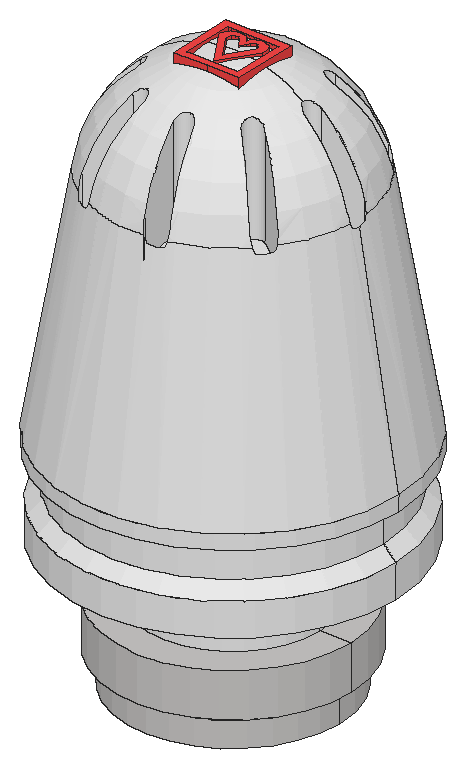
Revit family "HERZ-Thermostatkopf MINI GS M28x1.5 9200 03", category Rohrzubehör, Revit 2020
Family settings
  Bemaßung runder Anschluss = Durchmesser verwenden
  Teiletyp = Normal
  OmniClass-Nummer = 23.65.55.14
  OmniClass-Titel = Valves for Liquid Services
  Arbeitsebenenbasiert = Nein
  Immer vertikal = Nein
  Beim Laden mit Abzugskörper schneiden = Nein
  Gemeinsam genutzt = Nein
Parameters
  Vorgabe-Ansicht = 0 mm
  URL = "www.herz-armaturen.at"
  Thermostatkopf = "Kunststoff, weiß"  # constant formula
  Sollwertbereich = "0-30°C"  # constant formula
  S02 = 60 mm  # constant formula
  S01 = 73 mm  # constant formula
  Nullstellung = "Heizkörperthermostat mit Flüssigkeitsfühler (Hydrosensor) mit Stellung „0“, Frostsicherung einstellbar, mit Begrenzung und Blockierung des Sollwertbereiches."
  Hersteller = "HERZ Armaturen Ges.m.b.H."  # constant formula
  Funktionsweise = "Der HERZ-Thermostat dient als Fühl- und Regelelement. Durch die Volumsänderung der Flüssigkeitsfüllung im HERZ-Hydrosensor wird die Schubspindel des Ventils bewegt."
  Frostsicherung bei = 6 °C  # constant formula
  Sollwertbereich Frostsicherung = "6-30°C"  # constant formula
  Frostsicherung = "Heizkörperthermostat  mit  Flüssigkeitsfühler  (Hydrosensor)  mit  automatischer  Frostsicherung  und  Be-grenzung und Blockierung des Sollwertbereiches."
  Bestellnummer = 1920003  # constant formula
  Anwendungen = "Zur Montage auf Ventilen, die für thermostatischen Betrieb eingerichtet sind.Artikelnummern, Dimensionen und Lieferform der HERZ Ventile sind den jeweiligen Produktnormblättern zu entnehmen."
Reference planes
  plane 1 "Mitte (Vorne/hinten)": y = 0
  plane 2: z = 0
  plane 3 "Mitte (Links/rechts)": x = 0
Forms (mm)
  Revolve 1, solid, material "Kunststoff weiß", detail levels fine
    sketch origin (0, 0, 0) x (1, 0, 0) y (0, 0, 1)
      loop
        line (0, 0) -> (0, 73)
        arc (0, 73) -> (-11.397, 68.78) -> (-17.297, 58.156) r 17.5
        arc (-17.297, 58.156) -> (-20.011, 42.065) -> (-22.88, 26) r 1681.293
        line (-22.88, 26) -> (-22.88, 24) -> (-20.75, 24) -> (-20.75, 19.25) -> (-22.5, 17.5) -> (-22.5, 13) -> (-12.8, 13)
        arc (-12.8, 13) -> (-12.234, 12.766) -> (-12, 12.2) r 0.8
        line (-12, 12.2) -> (-12, 4.8) -> (-13.2, 4.8) -> (-13.2, 0) -> (0, 0)
      axis (0, 73) -> (0, 0)
    angle from 0 to 360
  Revolve 2, solid, material "Messing verzinkt", detail levels fine
    sketch origin (0, 0, 0) x (1, 0, 0) y (0, 0, 1)
      loop
        line (0, 0) -> (0, 5.5) -> (-16.35, 5.5) -> (-16.35, -0.576) -> (-14.75, -1.5) -> (-14.75, -5) -> (-13.35, -5) -> (-13.35, 0) -> (0, 0)
      axis (0, 5.5) -> (0, -5)
    angle from 0 to 360
  Extrusion 3, void
    sketch origin (0, 0, 0) x (1, 0, 0) y (0, 1, 0)
      loop
        arc (11.027, 1.298) -> (9.8, 0) -> (11.027, -1.298) r 1.3
        line (11.027, -1.298) -> (16.77, -1.62)
        arc (16.77, -1.62) -> (17.178, -1.485) -> (17.384, -1.107) r 0.586
        arc (17.384, -1.107) -> (17.453, 0.011) -> (17.382, 1.129) r 9
        arc (17.382, 1.129) -> (17.183, 1.492) -> (16.79, 1.621) r 0.564
        line (16.79, 1.621) -> (11.027, 1.298)
      loop
        line (9.282, 6.094) -> (13.904, 9.55)
        arc (13.904, 9.55) -> (14.121, 9.902) -> (14.04, 10.308) r 0.564
        arc (14.04, 10.308) -> (13.376, 11.21) -> (12.605, 12.023) r 9
        arc (12.605, 12.023) -> (12.205, 12.18) -> (11.805, 12.021) r 0.586
        line (11.805, 12.021) -> (7.613, 8.082)
        arc (7.613, 8.082) -> (7.507, 6.299) -> (9.282, 6.094) r 1.3
      loop
        arc (0.637, 11.085) -> (1.702, 9.651) -> (3.193, 10.634) r 1.3
        line (3.193, 10.634) -> (4.508, 16.234)
        arc (4.508, 16.234) -> (4.445, 16.659) -> (4.109, 16.928) r 0.586
        arc (4.109, 16.928) -> (3.02, 17.189) -> (1.907, 17.313) r 9
        arc (1.907, 17.313) -> (1.515, 17.181) -> (1.319, 16.816) r 0.564
        line (1.319, 16.816) -> (0.637, 11.085)
      loop
        line (-4.39, 10.199) -> (-6.991, 15.351)
        arc (-6.991, 15.351) -> (-7.3, 15.626) -> (-7.713, 15.617) r 0.564
        arc (-7.713, 15.617) -> (-8.717, 15.12) -> (-9.651, 14.501) r 9
        arc (-9.651, 14.501) -> (-9.875, 14.134) -> (-9.788, 13.713) r 0.586
        line (-9.788, 13.713) -> (-6.638, 8.901)
        arc (-6.638, 8.901) -> (-4.9, 8.487) -> (-4.39, 10.199) r 1.3
      loop
        arc (-10.806, 2.552) -> (-9.209, 3.352) -> (-9.918, 4.991) r 1.3
        line (-9.918, 4.991) -> (-15.204, 7.258)
        arc (-15.204, 7.258) -> (-15.634, 7.271) -> (-15.957, 6.986) r 0.586
        arc (-15.957, 6.986) -> (-16.404, 5.959) -> (-16.719, 4.884) r 9
        arc (-16.719, 4.884) -> (-16.657, 4.475) -> (-16.332, 4.219) r 0.564
        line (-16.332, 4.219) -> (-10.806, 2.552)
      loop
        line (-10.806, -2.552) -> (-16.332, -4.219)
        arc (-16.332, -4.219) -> (-16.657, -4.475) -> (-16.719, -4.884) r 0.564
        arc (-16.719, -4.884) -> (-16.404, -5.959) -> (-15.957, -6.986) r 9
        arc (-15.957, -6.986) -> (-15.634, -7.271) -> (-15.204, -7.258) r 0.586
        line (-15.204, -7.258) -> (-9.918, -4.991)
        arc (-9.918, -4.991) -> (-9.209, -3.352) -> (-10.806, -2.552) r 1.3
      loop
        arc (9.282, -6.094) -> (7.507, -6.299) -> (7.613, -8.082) r 1.3
        line (7.613, -8.082) -> (11.805, -12.021)
        arc (11.805, -12.021) -> (12.205, -12.18) -> (12.605, -12.023) r 0.586
        arc (12.605, -12.023) -> (13.376, -11.21) -> (14.04, -10.308) r 9
        arc (14.04, -10.308) -> (14.121, -9.902) -> (13.904, -9.55) r 0.564
        line (13.904, -9.55) -> (9.282, -6.094)
      loop
        line (0.637, -11.085) -> (1.319, -16.816)
        arc (1.319, -16.816) -> (1.515, -17.181) -> (1.907, -17.313) r 0.564
        arc (1.907, -17.313) -> (3.02, -17.189) -> (4.109, -16.928) r 9
        arc (4.109, -16.928) -> (4.445, -16.659) -> (4.508, -16.234) r 0.586
        line (4.508, -16.234) -> (3.193, -10.634)
        arc (3.193, -10.634) -> (1.702, -9.651) -> (0.637, -11.085) r 1.3
      loop
        arc (-4.39, -10.199) -> (-4.9, -8.487) -> (-6.638, -8.901) r 1.3
        line (-6.638, -8.901) -> (-9.788, -13.713)
        arc (-9.788, -13.713) -> (-9.875, -14.134) -> (-9.651, -14.501) r 0.586
        arc (-9.651, -14.501) -> (-8.717, -15.12) -> (-7.713, -15.617) r 9
        arc (-7.713, -15.617) -> (-7.3, -15.626) -> (-6.991, -15.351) r 0.564
        line (-6.991, -15.351) -> (-4.39, -10.199)
    from 55 to 73
Cuts and joins
  Extrusion 3 cuts Revolve 1
Lines and regions (mm)
  model lines, detail levels coarse+medium
    curve 1: line (0, 0, 0) -> (0, 0, 13)
    curve 2: line (0, -0.017, 0) -> (0, 13, 0)
    curve 3: circle (0, 0, 43) r 30 normal (0, -1, 0)
    curve 4: circle (0, 0, 43) r 30 normal (1, 0, 0)
    curve 5: line (0, 0, 23) -> (0, 0, 63)
    curve 6: line (0, -17.5, 63) -> (0, 17.5, 63)
    curve 7: line (0, 0, 23) -> (0, 0, 63)
    curve 8: line (-17.5, 0, 63) -> (17.5, 0, 63)
    curve 9: circle (0, 43, 0) r 30 normal (0, 0, 1)
    curve 10: line (0, 23, 0) -> (0, 63, 0)
    curve 11: line (-17.5, 63, 0) -> (17.5, 63, 0)
Dimensions and locks
  "S01": curve 4 to plane 2
  "S01": curve 3 to plane 2
  "S01": plane 1 "Mitte (Vorne/hinten)" to curve 9
  "S02": diameter of curve 3
  "S02": diameter of curve 4
  "S02": diameter of curve 9
  aligned and locked: level to plane 2
Automatic sketch dimensions
  Revolve 1 sketch curve to level = 0 mm
  Revolve 1 sketch curve to plane 3 "Mitte (Links/rechts)" = 0 mm  (x2)
  Revolve 1 sketch curve to plane 3 "Mitte (Links/rechts)" = 12 mm
  Revolve 1 sketch curve to Revolve 1 sketch curve = 0.8 mm
  Revolve 1 sketch curve to Revolve 1 sketch curve = 1.2 mm
  Revolve 1 sketch curve to Revolve 1 sketch curve = 7.95 mm
  Revolve 1 sketch curve to Revolve 1 sketch curve = 1.75 mm  (x2)
  Revolve 1 sketch curve to Revolve 1 sketch curve = 2.13 mm
  level to Revolve 1 sketch curve = 329.658 mm
  Revolve 1 sketch curve to plane 3 "Mitte (Links/rechts)" = 1676.524 mm
  level to Revolve 1 sketch curve = 4.8 mm
  Revolve 1 sketch curve to Revolve 1 sketch curve = 7.4 mm
  Revolve 1 sketch curve to Revolve 1 sketch curve = 4.5 mm
  Revolve 1 sketch curve to Revolve 1 sketch curve = 4.75 mm
  Revolve 1 sketch curve to Revolve 1 sketch curve = 2 mm
  Revolve 1 sketch curve to Revolve 1 sketch curve = 29.5 mm
  Revolve 1 sketch curve to Revolve 1 sketch curve = 17.5 mm
  Revolve 1 sketch curve to level = 366.045 mm
  Revolve 1 sketch curve to Revolve 1 sketch curve = 2141.315 mm
  Revolve 2 sketch curve to level = 0 mm
  Revolve 2 sketch curve to plane 3 "Mitte (Links/rechts)" = 0 mm  (x2)
  Revolve 2 sketch curve to level = 5 mm
  Revolve 2 sketch curve to plane 3 "Mitte (Links/rechts)" = 13.35 mm
  Revolve 2 sketch curve to Revolve 2 sketch curve = 1.4 mm
  Revolve 2 sketch curve to level = 0.576 mm
  Revolve 2 sketch curve to Revolve 2 sketch curve = 1.6 mm
  Revolve 2 sketch curve to level = 1.5 mm
  level to Revolve 2 sketch curve = 5.5 mm
  Revolve 2 sketch curve to Revolve 2 sketch curve = 361.045 mm
  Revolve 2 sketch curve to Revolve 2 sketch curve = 2208.815 mm
  plane 1 "Mitte (Vorne/hinten)" to Extrusion 3 sketch curve = 0 mm  (x2)
  Extrusion 3 sketch curve to plane 1 "Mitte (Vorne/hinten)" = 4.219 mm
  Extrusion 3 sketch curve to plane 3 "Mitte (Links/rechts)" = 16.332 mm
  plane 1 "Mitte (Vorne/hinten)" to Extrusion 3 sketch curve = 4.219 mm
  Extrusion 3 sketch curve to Extrusion 3 sketch curve = 0 mm  (x11)
  Extrusion 3 sketch curve to Extrusion 3 sketch curve = 0.163 mm  (x2)
  Extrusion 3 sketch curve to Extrusion 3 sketch curve = 0.734 mm  (x2)
  plane 1 "Mitte (Vorne/hinten)" to Extrusion 3 sketch curve = 7.258 mm
  Extrusion 3 sketch curve to Extrusion 3 sketch curve = 0.231 mm  (x2)
  Extrusion 3 sketch curve to plane 1 "Mitte (Vorne/hinten)" = 7.258 mm
  plane 1 "Mitte (Vorne/hinten)" to Extrusion 3 sketch curve = 2.552 mm
  Extrusion 3 sketch curve to Extrusion 3 sketch curve = 5.526 mm
  Extrusion 3 sketch curve to plane 1 "Mitte (Vorne/hinten)" = 2.552 mm
  Extrusion 3 sketch curve to Extrusion 3 sketch curve = 0.375 mm  (x2)
  Extrusion 3 sketch curve to Extrusion 3 sketch curve = 0.512 mm  (x2)
  Extrusion 3 sketch curve to Extrusion 3 sketch curve = 5.416 mm  (x2)
  Extrusion 3 sketch curve to Extrusion 3 sketch curve = 0.49 mm  (x2)
  Extrusion 3 sketch curve to Extrusion 3 sketch curve = 2.488 mm  (x2)
  Extrusion 3 sketch curve to Extrusion 3 sketch curve = 1.803 mm  (x2)
  Extrusion 3 sketch curve to Extrusion 3 sketch curve = 0.504 mm  (x2)
  Extrusion 3 sketch curve to Extrusion 3 sketch curve = 3.281 mm  (x2)
  Extrusion 3 sketch curve to Extrusion 3 sketch curve = 1.088 mm  (x2)
  Extrusion 3 sketch curve to Extrusion 3 sketch curve = 1.16 mm  (x2)
  Extrusion 3 sketch curve to Extrusion 3 sketch curve = 1.324 mm  (x2)
  plane 3 "Mitte (Links/rechts)" to Extrusion 3 sketch curve = 0.637 mm  (x2)
  plane 3 "Mitte (Links/rechts)" to Extrusion 3 sketch curve = 1.319 mm  (x2)
  plane 3 "Mitte (Links/rechts)" to Extrusion 3 sketch curve = 1.468 mm  (x2)
  Extrusion 3 sketch curve to Extrusion 3 sketch curve = 0.561 mm  (x2)
  Extrusion 3 sketch curve to Extrusion 3 sketch curve = 1.291 mm  (x2)
  Extrusion 3 sketch curve to Extrusion 3 sketch curve = 1.266 mm  (x2)
  Extrusion 3 sketch curve to Extrusion 3 sketch curve = 2.058 mm  (x2)
  Extrusion 3 sketch curve to Extrusion 3 sketch curve = 0.57 mm  (x2)
  Extrusion 3 sketch curve to Extrusion 3 sketch curve = 5.007 mm  (x2)
  Extrusion 3 sketch curve to Extrusion 3 sketch curve = 1.138 mm  (x2)
  Extrusion 3 sketch curve to Extrusion 3 sketch curve = 1.978 mm
  Extrusion 3 sketch curve to Extrusion 3 sketch curve = 0.89 mm  (x2)
  Extrusion 3 sketch curve to Extrusion 3 sketch curve = 0.779 mm  (x2)
  plane 1 "Mitte (Vorne/hinten)" to Extrusion 3 sketch curve = 1.298 mm
  Extrusion 3 sketch curve to Extrusion 3 sketch curve = 2.575 mm
  Extrusion 3 sketch curve to Extrusion 3 sketch curve = 0.073 mm
  Extrusion 3 sketch curve to Extrusion 3 sketch curve = 4.192 mm  (x2)
  Extrusion 3 sketch curve to Extrusion 3 sketch curve = 0.401 mm  (x2)
  Extrusion 3 sketch curve to Extrusion 3 sketch curve = 1.36 mm  (x2)
  Extrusion 3 sketch curve to Extrusion 3 sketch curve = 0.338 mm  (x2)
  plane 1 "Mitte (Vorne/hinten)" to Extrusion 3 sketch curve = 1.62 mm
  Extrusion 3 sketch curve to Extrusion 3 sketch curve = 5.743 mm
  Extrusion 3 sketch curve to plane 1 "Mitte (Vorne/hinten)" = 1.621 mm
  Extrusion 3 sketch curve to Extrusion 3 sketch curve = 0.02 mm
  Extrusion 3 sketch curve to Extrusion 3 sketch curve = 0.033 mm
  Extrusion 3 sketch curve to Extrusion 3 sketch curve = 0.032 mm
  plane 1 "Mitte (Vorne/hinten)" to Extrusion 3 sketch curve = 7.32 mm
  Extrusion 3 sketch curve to Extrusion 3 sketch curve = 6.784 mm
  Extrusion 3 sketch curve to Extrusion 3 sketch curve = 1.004 mm
  Extrusion 3 sketch curve to Extrusion 3 sketch curve = 1.581 mm  (x2)
  Extrusion 3 sketch curve to Extrusion 3 sketch curve = 1.468 mm
  Extrusion 3 sketch curve to Extrusion 3 sketch curve = 0.712 mm  (x2)
  Extrusion 3 sketch curve to Extrusion 3 sketch curve = 0.452 mm  (x2)
  Extrusion 3 sketch curve to Extrusion 3 sketch curve = 2.31 mm  (x2)
  Extrusion 3 sketch curve to Extrusion 3 sketch curve = 0.297 mm  (x2)
  Extrusion 3 sketch curve to Extrusion 3 sketch curve = 1.591 mm  (x2)
  Extrusion 3 sketch curve to Extrusion 3 sketch curve = 0.427 mm  (x2)
  Extrusion 3 sketch curve to Extrusion 3 sketch curve = 4.812 mm  (x2)
  Extrusion 3 sketch curve to Extrusion 3 sketch curve = 0.321 mm  (x2)
  Extrusion 3 sketch curve to Extrusion 3 sketch curve = 1.063 mm  (x2)
  Extrusion 3 sketch curve to Extrusion 3 sketch curve = 0.254 mm  (x2)
  Extrusion 3 sketch curve to Extrusion 3 sketch curve = 5.599 mm  (x2)
  Extrusion 3 sketch curve to Extrusion 3 sketch curve = 0.134 mm  (x2)
  Extrusion 3 sketch curve to Extrusion 3 sketch curve = 0.382 mm  (x2)
  Extrusion 3 sketch curve to Extrusion 3 sketch curve = 0.067 mm  (x2)
  Extrusion 3 sketch curve to Extrusion 3 sketch curve = 0.947 mm
  Extrusion 3 sketch curve to Extrusion 3 sketch curve = 0.539 mm  (x2)
  Extrusion 3 sketch curve to Extrusion 3 sketch curve = 1.702 mm
  Extrusion 3 sketch curve to Extrusion 3 sketch curve = 2.439 mm
  Extrusion 3 sketch curve to Extrusion 3 sketch curve = 0.54 mm  (x2)
  Extrusion 3 sketch curve to Extrusion 3 sketch curve = 0.905 mm
  Extrusion 3 sketch curve to Extrusion 3 sketch curve = 0.585 mm
  Extrusion 3 sketch curve to Extrusion 3 sketch curve = 0.564 mm
  Extrusion 3 sketch curve to Extrusion 3 sketch curve = 0.339 mm
  Extrusion 3 sketch curve to Extrusion 3 sketch curve = 1.245 mm
  Extrusion 3 sketch curve to plane 1 "Mitte (Vorne/hinten)" = 5.433 mm
  Extrusion 3 sketch curve to Extrusion 3 sketch curve = 0.661 mm
  Extrusion 3 sketch curve to Extrusion 3 sketch curve = 1.041 mm
  Extrusion 3 sketch curve to Extrusion 3 sketch curve = 4.429 mm
  Extrusion 3 sketch curve to Extrusion 3 sketch curve = 2.891 mm
  Extrusion 3 sketch curve to Extrusion 3 sketch curve = 3.456 mm
  Extrusion 3 sketch curve to plane 1 "Mitte (Vorne/hinten)" = 1.298 mm  (x2)
  curve 5 to plane 1 "Mitte (Vorne/hinten)" = 0 mm
  curve 4 to plane 1 "Mitte (Vorne/hinten)" = 0 mm
  plane 1 "Mitte (Vorne/hinten)" to curve 6 = 17.5 mm
  curve 5 to curve 6 = 17.5 mm
  curve 5 to curve 4 = 20 mm
  curve 4 to curve 6 = 20 mm
  curve 3 to plane 3 "Mitte (Links/rechts)" = 0 mm
  curve 7 to plane 3 "Mitte (Links/rechts)" = 0 mm
  curve 1 to plane 3 "Mitte (Links/rechts)" = 0 mm
  curve 1 to level = 0 mm
  curve 8 to curve 7 = 17.5 mm
  plane 3 "Mitte (Links/rechts)" to curve 8 = 17.5 mm
  curve 1 to curve 7 = 10 mm
  curve 3 to curve 8 = 20 mm
  curve 9 to plane 3 "Mitte (Links/rechts)" = 0 mm
  curve 10 to plane 3 "Mitte (Links/rechts)" = 0 mm
  curve 2 to plane 3 "Mitte (Links/rechts)" = 0 mm
  curve 11 to curve 10 = 17.5 mm
  plane 3 "Mitte (Links/rechts)" to curve 11 = 17.5 mm
  plane 1 "Mitte (Vorne/hinten)" to curve 2 = 0.017 mm
  curve 2 to curve 10 = 10 mm
  curve 9 to curve 11 = 20 mm
Nested families
  nested 1: "Herz-Logo" at (0, 0, 71.5), type "Herz-Logo", detail levels fine
Definition of nested family "Herz-Logo"
  Parameters (values of type "Herz-Logo")
    Default Elevation = 0 mm
  Reference planes
    plane 1 "Mitte (Vorne/hinten)": y = 0
    plane 2: z = 0
    plane 3 "Mitte (Links/rechts)": x = 0
  Forms (mm)
    Extrusion 1, solid
      sketch origin (0, 0, 0) x (1, 0, 0) y (0, 1, 0)
        loop
          line (-0.018, -4.517) -> (4.482, -4.517) -> (4.482, 4.483) -> (-4.518, 4.483) -> (-4.518, -4.517) -> (-0.018, -4.517)
        loop
          line (-0.05, -3.48) -> (3.482, -3.48) -> (3.482, 3.483) -> (-3.518, 3.483) -> (-3.518, -3.48) -> (-0.05, -3.48)
        loop
          arc (-0.018, 2.383) -> (-1.543, 3.287) -> (-3.067, 2.383) r 1.738
          arc (-3.067, 2.383) -> (-3.191, 1.899) -> (-3.067, 1.415) r 1.009
          line (-3.067, 1.415) -> (-0.018, -3.281) -> (3.032, 1.415)
          arc (3.032, 1.415) -> (3.156, 1.899) -> (3.032, 2.383) r 1.009
          arc (3.032, 2.383) -> (1.507, 3.287) -> (-0.018, 2.383) r 1.738
        loop
          arc (1.885, 1.272) -> (2.005, 1.675) -> (1.885, 2.079) r 0.74
          arc (1.885, 2.079) -> (1.265, 2.416) -> (0.644, 2.079) r 0.74
          line (0.644, 2.079) -> (-0.018, 0.97) -> (-0.679, 2.079)
          arc (-0.679, 2.079) -> (-1.3, 2.416) -> (-1.921, 2.079) r 0.74
          arc (-1.921, 2.079) -> (-2.04, 1.675) -> (-1.921, 1.272) r 0.74
          line (-1.921, 1.272) -> (-0.018, -1.658) -> (1.885, 1.272)
      from 0 to 1.5
  Dimensions and locks
    aligned and locked: level to plane 2
